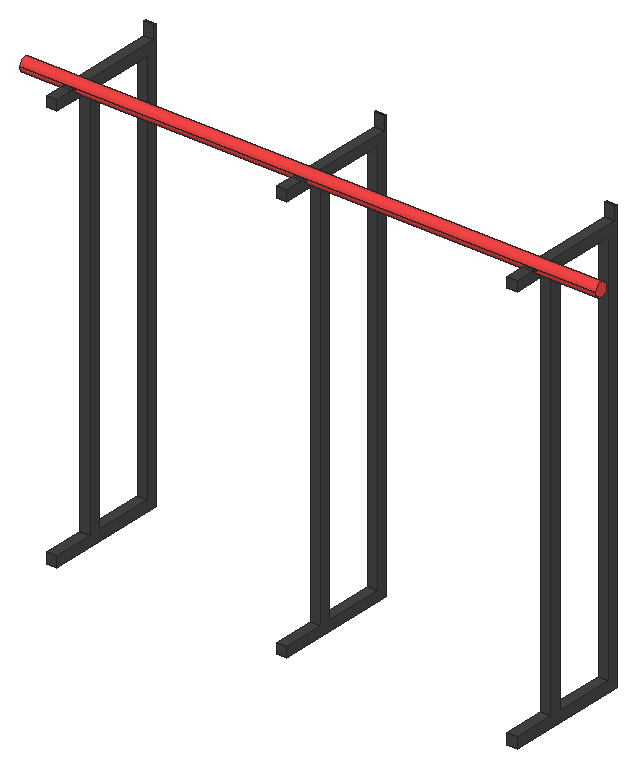
Revit family "Batería de cilindros de 67l en doble fila CO2_Aguilera Extincion", category Equipos especializados, Revit 2017
Family settings
  Anfitrión = Suelo
  Cota de conector redondo = Radio de uso
  Tipo de pieza = Normal
  Número OmniClass = 23.65.20.14.24
  Título OmniClass = Other Gas Storage Vessels
  Siempre vertical = Sí
  Corte con vacíos al cargar = No
  Compartido = Sí
  Punto de cálculo de habitación = No
Parameters (values of type "Batería 14 cilindros CO2 - 67 l")
  URL = "https://aguilera.es/?productos=bateria-formadas-con-botellas-en-doble-fila-para-co2"
  Símbolo texto = yes
  Símbolo = yes
  Radio colector = Diámetro colector / 2  # 31.75 mm
  R = Diámetro / 2  # 133.5 mm
  Número soportes = 3
  Número de cilindros pares = 7
  Número de cilindros impares = 7
  Modelo = "AEX/SBCO1467D"
  Lt = 2830 mm
  Lcc = Lt * 0.9 / (Número soportes - 0.75)  # 1132 mm
  Lc = 340 mm  # constant formula
  Ht = Hc + Diámetro colector  # 2058.5 mm
  Hd = 1770 mm
  H2 = 1200 mm
  H1 = 600 mm
  Fabricante = "Aguilera Extinción"  # constant formula
  Diámetro colector = 63.5 mm
  Descripción = "Batería de cilindros de alta presión de 67l. Fabricados en acero tratado térmicamente, sin soldadura, (según instrucción MIE AP7 de aparatos a presión y Directiva Europea 84/525/CEE). Presión de trabajo 60 bar, presión de prueba 250 bar, temperaturas de servicio de -20ºC a +50ºC. Grabados y pintados según normativa.\r\n\r\nEquipados con válvula principal AE-100 de 1” con apertura neumática a través del cabezal, válvulas antirretorno, latiguillos para el accionamiento neumático de disparo y latiguillos de descarga. Ensamblados en bastidor metálico con doble herraje de fijación y colector de descarga con rosca de acoplamiento a la instalación. Los bastidores pueden ser realizados mediante montaje de botellas en una sola fila o bastidor especial para montaje en doble fila."  # constant formula
  Diámetro = 267 mm
  Hc = 1995 mm  # constant formula
  Cilindro = Cilindro autonomo CO2_Aguilera Extincion : Cilindro autónomo CO2 - 67 l
Types (12, lengths in mm): name | Radio colector | Número soportes | Número de cilindros pares | Número de cilindros impares | Modelo | Lt | Lcc | Ht | Diámetro colector
  (no name) | 31.75 | 3 | 7 | 7 | "AEX/SBCO1467D" | 2830 | 1132 | 2058.5 | 63.5
  Batería 4 cilindros CO2 - 67 l | 15.9 | 2 | 2 | 2 | "AEX/SBCO467D" | 1069 | 769.68 | 2026.8 | 31.8
  Batería 5 cilindros CO2 - 67 l | 15.9 | 2 | 2 | 3 | "AEX/SBCO567D" | 1409 | 1014.48 | 2026.8 | 31.8
  Batería 6 cilindros CO2 - 67 l | 15.9 | 2 | 3 | 3 | "AEX/SBCO667D" | 1409 | 1014.48 | 2026.8 | 31.8
  Batería 7 cilindros CO2 - 67 l | 19.05 | 2 | 3 | 4 | "AEX/SBCO767D" | 1749 | 1259.28 | 2033.1 | 38.1
  Batería 8 cilindros CO2 - 67 l | 19.05 | 2 | 4 | 4 | "AEX/SBCO867D" | 1749 | 1259.28 | 2033.1 | 38.1
  Batería 9 cilindros CO2 - 67 l | 25.4 | 2 | 4 | 5 | "AEX/SBCO967D" | 2089 | 1504.08 | 2045.8 | 50.8
  Batería 10 cilindros CO2 - 67 l | 25.4 | 2 | 5 | 5 | "AEX/SBCO1067D" | 2089 | 1504.08 | 2045.8 | 50.8
  Batería 11 cilindros CO2 - 67 l | 25.4 | 2 | 5 | 6 | "AEX/SBCO1167D" | 2429 | 1748.88 | 2045.8 | 50.8
  Batería 12 cilindros CO2 - 67 l | 25.4 | 2 | 6 | 6 | "AEX/SBCO1267D" | 2429 | 1748.88 | 2045.8 | 50.8
  Batería 13 cilindros CO2 - 67 l | 25.4 | 3 | 6 | 7 | "AEX/SBCO1367D" | 2830 | 1132 | 2045.8 | 50.8
  Batería 14 cilindros CO2 - 67 l | 31.75 | 3 | 7 | 7 | "AEX/SBCO1467D" | 2830 | 1132 | 2058.5 | 63.5
Reference planes
  plane 1 "Centro (Frontal/Posterior)": y = 0
  plane 2: z = 0
  plane 3 "Centro (Izquierda/Derecha)": x = 0
  plane 4: y = 133.5
  plane 5: z = 600
  plane 6: z = 1200
  plane 7: z = 1565
  plane 8: z = 1703.58
  plane 9: z = 1770
  plane 10: z = 1995
  plane 11: x = -154
  plane 12: z = 2058.5
  plane 13: x = -600
  plane 14: x = 2230
  plane 15: y = 153.5
  plane 16: x = -380
  plane 17: y = 40.5
  plane 18: z = 2038.5
  plane 19: y = -198.5
  plane 20: y = -311.5
Forms (mm)
  Extrusion 1, solid, material "Acero rojo"
    sketch origin (0, 0, 0) x (0, 1, 0) y (0, 0, 1)
      loop
        circle (-311.5, 2026.75) r 31.75
    from -600 to 2230
Dimensions and locks
  "H1": plane 5 to plane 2
  "H2": plane 6 to plane 2
  "Hd": plane 9 to plane 2
  "Hc": plane 10 to plane 2
  locked: plane 11 to plane 3 "Centro (Izquierda/Derecha)" at 154
  locked: plane 9 to plane 8 at 66.42
  locked: plane 9 to plane 7 at 205
  "R": plane 1 "Centro (Frontal/Posterior)" to plane 4
  "Lt": plane 14 to plane 13
  "Ht": plane 12 to plane 2
  locked: plane 12 to plane 18 at 20
  "Ht": Extrusion 1 sketch curve to plane 2
  equal spacing: group 1, group 2, group 7, group 8, group 10, group 12, group 13  (x3)
  equal spacing: group 3, group 4, group 14  (x3)
  "Lcc": nested 3 to nested 4
  equal spacing: group 5, group 6, group 9, group 11, group 15, group 16, group 17  (x3)
  nested 5 to plane 13 = 446 mm
  "Radio colector": radius of Extrusion 1 sketch curve
  aligned and locked: level to plane 2
  aligned and locked: Extrusion 1 to plane 13
  aligned and locked: plane 14 to Extrusion 1
Automatic sketch dimensions
  Extrusion 1 sketch curve to plane 20 = 0 mm
Nested families
  nested 1: "Cilindro autonomo CO2_Aguilera Extincion" at (-154, 0, 0), type <- "Cilindro", type "Cilindro autónomo CO2 - 67 l", not visible
  nested 2: "Cilindro autonomo CO2_Aguilera Extincion" at (186, 0, 0), type <- "Cilindro", type "Cilindro autónomo CO2 - 67 l", not visible
  nested 3: "Soporte doble" at (0, 153.5, -31.8), type "Soporte doble"
    with Ht 2058.5 mm
  nested 4: "Soporte doble" at (1132, 153.5, -31.8), type "Soporte doble"
    with Ht 2058.5 mm
  nested 5: "Cilindro autonomo CO2_Aguilera Extincion" at (-154, -352, 0), type <- "Cilindro", type "Cilindro autónomo CO2 - 67 l", not visible
  nested 6: "Cilindro autonomo CO2_Aguilera Extincion" at (186, -352, 0), type <- "Cilindro", type "Cilindro autónomo CO2 - 67 l", not visible
  nested 7: "S_Cilindros_Aguilera Extinción" at (1226.5, -135.5, 0), visible <- "Símbolo", type "S_Cilindros_Aguilera Extinción", detail levels coarse
  nested 8: "Cilindro autonomo CO2_Aguilera Extincion" at (526, 0, 0), type <- "Cilindro", type "Cilindro autónomo CO2 - 67 l", not visible
  nested 9: "Cilindro autonomo CO2_Aguilera Extincion" at (866, 0, 0), type <- "Cilindro", type "Cilindro autónomo CO2 - 67 l", not visible
  nested 10: "Cilindro autonomo CO2_Aguilera Extincion" at (526, -352, 0), type <- "Cilindro", type "Cilindro autónomo CO2 - 67 l", not visible
  nested 11: "Cilindro autonomo CO2_Aguilera Extincion" at (1206, 0, 0), type <- "Cilindro", type "Cilindro autónomo CO2 - 67 l", not visible
  nested 12: "Cilindro autonomo CO2_Aguilera Extincion" at (866, -352, 0), type <- "Cilindro", type "Cilindro autónomo CO2 - 67 l", not visible
  nested 13: "Cilindro autonomo CO2_Aguilera Extincion" at (1546, 0, 0), type <- "Cilindro", type "Cilindro autónomo CO2 - 67 l", not visible
  nested 14: "Cilindro autonomo CO2_Aguilera Extincion" at (1886, 0, 0), type <- "Cilindro", type "Cilindro autónomo CO2 - 67 l", not visible
  nested 15: "Soporte doble" at (2264, 153.5, -31.8), type "Soporte doble"
    with Ht 2058.5 mm
  nested 16: "Cilindro autonomo CO2_Aguilera Extincion" at (1206, -352, 0), type <- "Cilindro", type "Cilindro autónomo CO2 - 67 l", not visible
  nested 17: "Cilindro autonomo CO2_Aguilera Extincion" at (1546, -352, 0), type <- "Cilindro", type "Cilindro autónomo CO2 - 67 l", not visible
  nested 18: "Cilindro autonomo CO2_Aguilera Extincion" at (1886, -352, 0), type <- "Cilindro", type "Cilindro autónomo CO2 - 67 l", not visible
Connectors
  piping at (-600, -311.5, 2026.75), diameter 63.5, driven by "Radio colector"
    settings: on Extrusion 1, index 1, connector inside diameter 609.6 mm, connector length 0 mm, flow factor 0, pipe flow 0.0 L/s, pressure drop 0.0 Pa, fitting loss kfactor 0, connector angle 0.00°, fixture units 0, engagement length 0 mm, angle of deflection 0.00°, flow configuration 0, flow direction 0, fitting loss method 0, system type 28, joint type 0, gender type 0, connector reference index -1, connector utility 0, adjustable connector no, is connector primary yes, connector description ""
  piping at (2230, -311.5, 2026.75), diameter 63.5, driven by "Radio colector"
    settings: on Extrusion 1, index 2, connector inside diameter 609.6 mm, connector length 0 mm, flow factor 0, pipe flow 0.0 L/s, pressure drop 0.0 Pa, fitting loss kfactor 0, connector angle 0.00°, fixture units 0, engagement length 0 mm, angle of deflection 0.00°, flow configuration 0, flow direction 0, fitting loss method 0, system type 28, joint type 0, gender type 0, connector reference index -1, connector utility 0, adjustable connector no, is connector primary no, connector description ""
  piping at (-600, -311.5, 2026.75), diameter 63.5, driven by "Radio colector"
    settings: on Extrusion 1, index 3, connector inside diameter 609.6 mm, connector length 0 mm, flow factor 0, pipe flow 0.0 L/s, pressure drop 0.0 Pa, fitting loss kfactor 0, connector angle 0.00°, fixture units 0, engagement length 0 mm, angle of deflection 0.00°, flow configuration 0, flow direction 0, fitting loss method 0, system type 28, joint type 0, gender type 0, connector reference index -1, connector utility 0, adjustable connector no, is connector primary no, connector description ""
Definition of nested family "Cilindro autonomo CO2_Aguilera Extincion"
  Parameters (values of type "Cilindro autónomo CO2 - 67 l")
    URL = "https://aguilera.es/?productos=botellas-autonomas-de-4-7-a-120-l-para-co2"
    Símbolo texto = yes
    Símbolo = yes
    R3 = R2 * 0.2  # 21.9 mm
    R2 = R * 0.75  # 109.5 mm
    R = Diámetro / 2  # 146 mm
    Model = "AEX/CO67A"
    Herraje 2 = no
    Hd = 1600 mm
    H2 = 800 mm
    H1 = 200 mm
    Manufacturer = "Aguilera Extinción"  # constant formula
    Description = "Cilindro autónomo, fabricado en acero aleado tratado térmicamente sin soldadura, (según instrucción MIE AP7 de aparatos a presión y Directiva Europea 84/525/CEE). Presión de trabajo 60 bar, presión de prueba 250 bar, temperatura de servicio de -20ºC a +50ºC. Grabados y pintados según normativa."  # constant formula
    Diámetro = 292 mm
    H = 1650 mm
    D2 = 402 mm
    Type Comments = "Equipados con:\r\nVálvula principal AE-100 de 1” fabricada en latón forjado con pistón y eje de acero inoxidable. Provista con disco de seguridad y válvula de alivio para evitar el disparo encaso de fugas.\r\nTubo sifón.\r\nSolenoide de disparo (alimentación 24V y 500mA de consumo).\r\nHerraje de sujeción.\r\nBrida.\r\nCaperuzo protector."  # constant formula
  Types (5, lengths in mm): name | R3 | R2 | R | Model | Hd | H2 | Diámetro | H | D2
    Cilindro autónomo CO2 - 6.7 l | 14.85 | 74.25 | 99 | "AEX/CO6A" | 700 | 350 | 198 | 750 | 274
    Cilindro autónomo CO2 - 13.4 l | 14.85 | 74.25 | 99 | "AEX/CO13A" | 1100 | 550 | 198 | 1150 | 274
    Cilindro autónomo CO2 - 26.8 l | 19.125 | 95.625 | 127.5 | "AEX/CO26A" | 1000 | 500 | 255 | 1050 | 364
    Cilindro autónomo CO2 - 67 l | 21.9 | 109.5 | 146 | "AEX/CO67A" | 1600 | 800 | 292 | 1650 | 402
    Cilindro autónomo CO2 - 80 l | 21.9 | 109.5 | 146 | "AEX/CO80A" | 1777 | 900 | 292 | 1827 | 402
  Reference planes
    plane 1 "Centro (Frontal/Posterior)": y = 0
    plane 2: z = 0
    plane 3 "Centro (Izquierda/Derecha)": x = 0
    plane 4: y = 146
    plane 5: z = 200
    plane 6: z = 800
    plane 7: z = 1395
    plane 8: z = 1533.58
    plane 9: z = 1600
    plane 10: z = 1650
    plane 11: x = -154
    plane 12: x = -146
    plane 13: x = 146
    plane 14: x = -146
    plane 15: x = 146
    plane 16: x = -133.5
    plane 17: x = 158.5
  Forms (mm)
    Extrusion 1, solid
      sketch origin (0, 0, 0) x (1, 0, 0) y (0, 1, 0)
        loop
          circle (0, 0) r 146
      from 0 to 1395
    Extrusion 2, solid
      sketch origin (-745.59, -6000, 1533.58) x (-1, 0, 0) y (0, -1, 0)
        loop
          circle (-745.59, -6000) r 21.9
      from 0 to 116.42
    Extrusion 3, solid, detail levels fine
      sketch origin (-40, 0, 0) x (0, 1, 0) y (0, 0, 1)
        loop
          line (13.01, 1622.534) -> (-13.01, 1622.534) -> (-26.02, 1600) -> (-13.01, 1577.466) -> (13.01, 1577.466) -> (26.02, 1600) -> (13.01, 1622.534)
      from -5 to -30
    Extrusion 4, solid, detail levels fine
      sketch origin (-70, 0, 0) x (0, -1, 0) y (0, 0, 1)
        loop
          circle (0, 1600) r 21.9
      from -70 to -25
    Revolve 5, solid
      sketch origin (0, 0, 0) x (1, 0, 0) y (0, 0, 1)
        loop
          line (-146, 1395) -> (0, 1395) -> (0, 1533.58) -> (-40, 1533.58)
          arc (-40, 1533.58) -> (-112.105, 1478.903) -> (-146, 1395) r 170.221
        axis (0, 1533.58) -> (0, 1395)
      angle from 0 to 360
    Extrusion 6, solid, detail levels fine
      sketch origin (-745.59, -6000, 800) x (-1, 0, 0) y (0, -1, 0)
        loop
          line (-544.59, -6166) -> (-544.59, -6146) -> (-590.59, -6146) -> (-590.59, -6000)
          arc (-590.59, -6000) -> (-745.59, -5845) -> (-900.59, -6000) r 155
          line (-900.59, -6000) -> (-900.59, -6146) -> (-946.59, -6146) -> (-946.59, -6166) -> (-544.59, -6166)
        loop
          arc (-599.59, -6000) -> (-745.59, -5854) -> (-891.59, -6000) r 146
          line (-891.59, -6000) -> (-891.59, -6146) -> (-599.59, -6146) -> (-599.59, -6000)
      from 20 to -20
    Extrusion 7, solid, visible <- "Herraje 2", detail levels fine
      sketch origin (-745.59, -6000, 200) x (-1, 0, 0) y (0, -1, 0)
        loop
          line (-544.59, -6166) -> (-544.59, -6146) -> (-590.59, -6146) -> (-590.59, -6000)
          arc (-590.59, -6000) -> (-745.59, -5845) -> (-900.59, -6000) r 155
          line (-900.59, -6000) -> (-900.59, -6146) -> (-946.59, -6146) -> (-946.59, -6166) -> (-544.59, -6166)
        loop
          arc (-599.59, -6000) -> (-745.59, -5854) -> (-891.59, -6000) r 146
          line (-891.59, -6000) -> (-891.59, -6146) -> (-599.59, -6146) -> (-599.59, -6000)
      from 20 to -20
    Extrusion 8, solid, detail levels fine
      sketch origin (-745.59, -6000, 1650) x (-1, 0, 0) y (0, -1, 0)
        loop
          line (-731.103, -6024.486) -> (-717.015, -6000.085) -> (-731.103, -5975.683) -> (-759.279, -5975.683) -> (-773.367, -6000.085) -> (-759.279, -6024.486) -> (-731.103, -6024.486)
      from 0 to 20
    Extrusion 9, solid, detail levels fine
      sketch origin (-745.59, -6000, 1533.58) x (-1, 0, 0) y (0, -1, 0)
        loop
          circle (-745.59, -5998.341) r 109.5
      from 0 to 10
  Lines and regions (mm)
    symbolic lines
      curve 1: line (0, 186, 0) -> (0, 146, 0)
      curve 2: line (-25, 166, 0) -> (25, 166, 0)
      curve 3: circle (0, 166, 0) r 15 normal (0, 0, 1)
  Dimensions and locks
    "H1": plane 5 to plane 2
    "H2": plane 6 to plane 2
    "Hd": plane 9 to plane 2
    "H": plane 10 to plane 2
    locked: plane 11 to plane 3 "Centro (Izquierda/Derecha)" at 154
    equal spacing: plane 12, plane 3 "Centro (Izquierda/Derecha)", plane 13
    "Diámetro": plane 12 to plane 13
    locked: plane 9 to plane 8 at 66.42
    locked: plane 9 to plane 7 at 205
    "R": plane 1 "Centro (Frontal/Posterior)" to plane 4
    equal spacing: plane 14, plane 3 "Centro (Izquierda/Derecha)", plane 15
    "Diámetro": plane 14 to plane 15
    equal spacing: Extrusion 6 sketch curve, plane 3 "Centro (Izquierda/Derecha)", Extrusion 6 sketch curve
    "D2": Extrusion 6 sketch curve to Extrusion 6 sketch curve
    plane 16 to plane 17 = 292 mm
    "Diámetro": plane 16 to plane 17
    Extrusion 7 sketch curve to Extrusion 7 sketch curve = 402 mm
    "D2": Extrusion 7 sketch curve to Extrusion 7 sketch curve
    equal spacing: Extrusion 6, plane 3 "Centro (Izquierda/Derecha)", Extrusion 6
    equal spacing: Extrusion 7, plane 3 "Centro (Izquierda/Derecha)", Extrusion 7
    locked: Extrusion 7 to Extrusion 7 at 9  (x2)
    "Diámetro": diameter of Extrusion 1 sketch curve
    "R2": radius of Extrusion 9 sketch curve
    "R3": radius of Extrusion 2 sketch curve
    "R3": radius of Extrusion 4 sketch curve
    aligned and locked: level to plane 2
    aligned and locked: plane 7 to Extrusion 1
    aligned and locked: plane 10 to Extrusion 2
    aligned and locked: Extrusion 2 to plane 8
    aligned and locked: plane 3 "Centro (Izquierda/Derecha)" to Extrusion 4
    aligned and locked: Revolve 5 sketch curve to plane 3 "Centro (Izquierda/Derecha)"  (x2)
    aligned and locked: Revolve 5 sketch curve to plane 7
    aligned and locked: Extrusion 6 sketch curve to Extrusion 6 sketch curve  (x2)
    aligned and locked: Extrusion 6 sketch curve to plane 4
    aligned and locked: Extrusion 6 sketch curve to plane 15
    aligned and locked: Extrusion 6 sketch curve to plane 14
    aligned and locked: Extrusion 7 sketch curve to Extrusion 7 sketch curve  (x2)
    aligned and locked: Extrusion 7 sketch curve to Extrusion 6  (x3)
    aligned and locked: plane 8 to Revolve 5 sketch curve
  Automatic sketch dimensions
    curve 1 to plane 3 "Centro (Izquierda/Derecha)" = 0 mm
    curve 3 to plane 3 "Centro (Izquierda/Derecha)" = 0 mm
    curve 1 to plane 4 = 0 mm
    curve 1 to curve 3 = 20 mm
    curve 2 to plane 3 "Centro (Izquierda/Derecha)" = 25 mm
    plane 3 "Centro (Izquierda/Derecha)" to curve 2 = 25 mm
    plane 4 to curve 2 = 20 mm
    curve 3 to curve 1 = 20 mm
    Extrusion 3 sketch curve to plane 9 = 0 mm  (x2)
    plane 1 "Centro (Frontal/Posterior)" to Extrusion 3 sketch curve = 26.02 mm
    plane 1 "Centro (Frontal/Posterior)" to Extrusion 3 sketch curve = 13.01 mm  (x2)
    Extrusion 3 sketch curve to plane 1 "Centro (Frontal/Posterior)" = 13.01 mm  (x2)
    Extrusion 3 sketch curve to Extrusion 3 sketch curve = 13.01 mm
    Extrusion 3 sketch curve to plane 9 = 22.534 mm
    plane 9 to Extrusion 3 sketch curve = 22.534 mm
    Extrusion 8 sketch curve to plane 1 "Centro (Frontal/Posterior)" = 0.085 mm  (x2)
    plane 3 "Centro (Izquierda/Derecha)" to Extrusion 8 sketch curve = 27.777 mm
    plane 3 "Centro (Izquierda/Derecha)" to Extrusion 8 sketch curve = 13.689 mm  (x2)
    Extrusion 8 sketch curve to plane 3 "Centro (Izquierda/Derecha)" = 14.487 mm  (x2)
    Extrusion 8 sketch curve to Extrusion 8 sketch curve = 14.088 mm
    Extrusion 8 sketch curve to plane 1 "Centro (Frontal/Posterior)" = 24.486 mm
    plane 1 "Centro (Frontal/Posterior)" to Extrusion 8 sketch curve = 24.317 mm
    plane 1 "Centro (Frontal/Posterior)" to Extrusion 1 sketch curve = 0 mm
    Extrusion 1 sketch curve to plane 3 "Centro (Izquierda/Derecha)" = 0 mm
    plane 1 "Centro (Frontal/Posterior)" to Extrusion 2 sketch curve = 0 mm
    Extrusion 2 sketch curve to plane 3 "Centro (Izquierda/Derecha)" = 0 mm
    Extrusion 4 sketch curve to Extrusion 3 = 22.534 mm  (x2)
    plane 12 to Revolve 5 sketch curve = 0 mm
    Revolve 5 sketch curve to plane 3 "Centro (Izquierda/Derecha)" = 40 mm
    Revolve 5 sketch curve to plane 7 = 19.514 mm
    Revolve 5 sketch curve to Revolve 5 sketch curve = 1.762 mm
    plane 10 to Revolve 5 sketch curve = 47 mm
    Extrusion 6 sketch curve to Extrusion 6 sketch curve = 0 mm  (x2)
    plane 1 "Centro (Frontal/Posterior)" to Extrusion 6 sketch curve = 0 mm
    Extrusion 6 sketch curve to plane 15 = 9 mm
    Extrusion 6 sketch curve to Extrusion 6 sketch curve = 20 mm
    Extrusion 7 sketch curve to Extrusion 7 sketch curve = 0 mm  (x2)
    Extrusion 7 sketch curve to plane 4 = 0 mm
    plane 1 "Centro (Frontal/Posterior)" to Extrusion 7 sketch curve = 0 mm
    plane 17 to Extrusion 7 sketch curve = 3.5 mm
    Extrusion 7 sketch curve to Extrusion 7 sketch curve = 20 mm
    Extrusion 9 sketch curve to plane 3 "Centro (Izquierda/Derecha)" = 0 mm
    plane 1 "Centro (Frontal/Posterior)" to Extrusion 9 sketch curve = 1.659 mm
    radius of curve 3 = 15 mm
  Nested families
    nested 1: "S_Cilindro_Aguilera Extinción" at (0, 0, 0), visible <- "Símbolo", type "S_Cilindro_Aguilera Extinción", detail levels coarse
  Definition of nested family "S_Cilindro_Aguilera Extinción"
    Parameters (values of type "S_Cilindro_Aguilera Extinción")
      Texto símbolo = "Cilindros"
      Texto modelo = yes
      Modelo = "Cilindros"
    Reference planes
      plane 1: y = 0
      plane 2: x = 0
    Lines and regions (mm)
      detail lines
        curve 1: line (-1.703, -1.659, 0) -> (1.659, -1.659, 0)
        curve 2: line (-1.703, 1.659, 0) -> (-1.703, -1.659, 0)
        curve 3: line (1.659, 1.659, 0) -> (-1.703, 1.659, 0)
        curve 4: line (1.659, -1.659, 0) -> (1.659, 1.659, 0)
        curve 5: circle (0, 0, 0) r 1.659 normal (0, 0, 1)
    Text (mm)
      label "Texto símbolo" at (-0.164, 3.111, 0), shows "Texto símbolo"
      label "Modelo" at (-0.164, -2.652, 0), shows "Modelo", visible <- "Texto modelo"
Definition of nested family "Soporte doble"
  Parameters (values of type "Soporte doble")
    Ht = 2334 mm
  Reference planes
    plane 1 "Centro (Frontal/Posterior)": y = 0
    plane 2: z = 0
    plane 3 "Centro (Izquierda/Derecha)": x = 0
    plane 4: z = 2334
  Forms (mm)
    Extrusion 1, solid
      sketch origin (-380, -6153.5, 976.911) x (0, 0, 1) y (0, -1, 0)
        loop
          line (1422.089, -6153.5) -> (1422.089, -6143.5) -> (1357.089, -6143.5) -> (1357.089, -5543.5) -> (1307.089, -5543.5) -> (1307.089, -5751.5) -> (-926.911, -5751.5) -> (-926.911, -5543.5) -> (-976.911, -5543.5) -> (-976.911, -6153.5) -> (1422.089, -6153.5)
        loop
          line (-925.275, -6103.5) -> (1305.454, -6103.5) -> (1305.454, -5801.5) -> (-925.275, -5801.5) -> (-925.275, -6103.5)
      from 0 to 50
  Lines and regions (mm)
    symbolic lines
      curve 1: line (-355, 20, 0) -> (-355, -20, 0)
      curve 2: line (-380, 0, 0) -> (-330, 0, 0)
      curve 3: circle (-355, 0, 0) r 15 normal (0, 0, 1)
  Dimensions and locks
    "Ht": plane 4 to plane 2
    aligned and locked: level to plane 2
    aligned and locked: Extrusion 1 sketch curve to plane 4
    aligned and locked: plane 1 "Centro (Frontal/Posterior)" to Extrusion 1 sketch curve
  Automatic sketch dimensions
    plane 1 "Centro (Frontal/Posterior)" to curve 2 = 0 mm
    plane 1 "Centro (Frontal/Posterior)" to curve 3 = 0 mm
    curve 3 to plane 3 "Centro (Izquierda/Derecha)" = 355 mm
    curve 1 to curve 3 = 0 mm
    curve 2 to curve 3 = 25 mm
    curve 3 to curve 2 = 25 mm
    plane 1 "Centro (Frontal/Posterior)" to curve 1 = 20 mm
    curve 1 to plane 1 "Centro (Frontal/Posterior)" = 20 mm
    Extrusion 1 sketch curve to level = 0 mm
    Extrusion 1 sketch curve to Extrusion 1 sketch curve = 50 mm  (x2)
    level to Extrusion 1 sketch curve = 51.635 mm
    Extrusion 1 sketch curve to plane 4 = 51.635 mm
    Extrusion 1 sketch curve to plane 4 = 50 mm
    plane 1 "Centro (Frontal/Posterior)" to Extrusion 1 sketch curve = 10 mm
    Extrusion 1 sketch curve to Extrusion 1 sketch curve = 65 mm
    plane 1 "Centro (Frontal/Posterior)" to Extrusion 1 sketch curve = 50 mm
    Extrusion 1 sketch curve to Extrusion 1 sketch curve = 302 mm
    Extrusion 1 sketch curve to Extrusion 1 sketch curve = 208 mm  (x2)
    radius of curve 3 = 15 mm
Definition of nested family "S_Cilindros_Aguilera Extinción"
  Parameters (values of type "S_Cilindros_Aguilera Extinción")
    Texto símbolo = "Cilindros"
    Texto modelo = yes
    Modelo = "Cilindros"
  Reference planes
    plane 1: y = 0
    plane 2: x = 0
  Lines and regions (mm)
    detail lines
      curve 1: line (-6.666, -1.659, 0) -> (6.654, -1.659, 0)
      curve 2: line (-6.666, 1.659, 0) -> (-6.666, -1.659, 0)
      curve 3: line (6.654, 1.659, 0) -> (-6.666, 1.659, 0)
      curve 4: line (6.654, -1.659, 0) -> (6.654, 1.659, 0)
      curve 5: circle (-4.976, 0, 0) r 1.659 normal (0, 0, 1)
      curve 6: circle (-1.659, 0, 0) r 1.659 normal (0, 0, 1)
      curve 7: circle (1.659, 0, 0) r 1.659 normal (0, 0, 1)
      curve 8: circle (4.976, 0, 0) r 1.659 normal (0, 0, 1)
  Text (mm)
    label "Texto símbolo" at (-0.164, 3.111, 0), shows "Texto símbolo"
    label "Modelo" at (-0.164, -2.652, 0), shows "Modelo", visible <- "Texto modelo"
